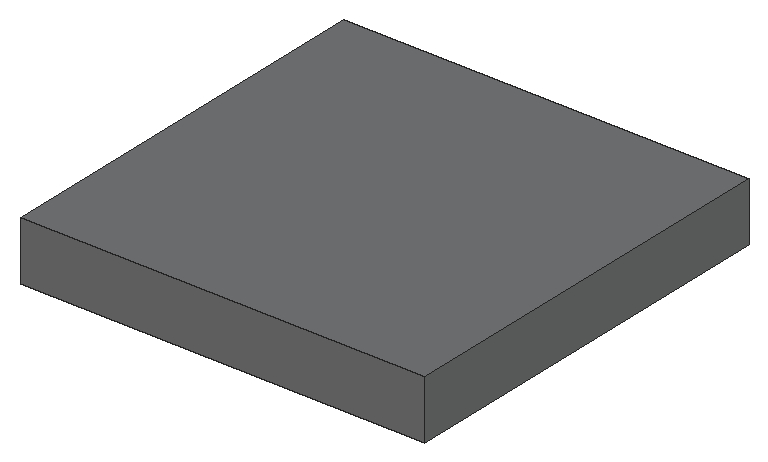
Revit family "Gira_027026", category Electrical Fixtures, host Face, Revit 2017
Family settings
  Host = Face
  Maintain Annotation Orientation = No
  Round Connector Dimension = Use Diameter
  Part Type = Normal
  Cut with Voids When Loaded = No
  Shared = No
  Room Calculation Point = No
Parameters (values of type "Abd. UAE/IAE + Netzwerk System 55 F Alu")
  Zusammenstellung = "Zentralplatte"
  Werkstoffgüte = "sonstige"
  Werkstoff = "Kunststoff"
  Verwendung = "UAE/IAE"
  URL = "http://katalog.gira.de/de_DE/datenblatt.html?artikelnr=027026"
  Transparent = "No"
  Tragring = "No"
  Region = "DE"
  Oberfläche = "sonstige"
  Name = "Abd. UAE/IAE + Netzwerk System 55 F Alu"
  Montageart = "unter Putz"
  Mit Zugentlastung = "No"
  Mit Staubschutz = "No"
  Mit Klappdeckel = "No"
  Mit Aufdruck = "No"
  Manufacturer URL = "https://www.gira.de/"
  Lüsterklemme = "No"
  Keynote = "Sys55_Abdeckung_Schalten und Tasten"
  HeinzeBIM = "https://bimportal.heinze.de/bim/abd-uae-iae-netzwerk-system-55-f-alu/cb5f9aaf59872da45c50f3ebd1930302e83315d0"
  Halogenfrei = "No"
  HAN = "027026"
  Geeignet für Schutzart (IP) = "IP20"
  GTIN = "4010337270263"
  Farbe = "aluminium"
  Default Elevation = 1219.2 mm
  Data sheet (1) = "https://katalog.gira.de/de_DE/download.html?artikelnr=027026"
  Category = "Einsatz/Abdeckung für Kommunikationstechnik"
  Beschriftungsfeld = "ohne Beschriftungsfeld"
  Befestigungsart = "Befestigung mit Schraube"
  Available = "Yes"
  Ausführung der Oberfläche = "nicht zutreffend"
  Anthrazit [instance] = Anthrazit
Reference planes
  plane 1 "Center (Front/Back)": y = 0
  plane 2: z = 0
  plane 3 "Center (Left/Right)": x = 0
Forms (mm)
  Extrusion 1, solid, material "Anthrazit" <- "Anthrazit", detail levels fine
    sketch origin (0, 0, 0) x (1, 0, 0) y (0, 1, 0)
      loop
        line (-27.5, 27.5) -> (-27.5, -27.5) -> (27.5, -27.5) -> (27.5, 27.5) -> (-27.5, 27.5)
    from 0 to 8
  Extrusion 2, void
    sketch origin (0, 0, 0) x (1, 0, 0) y (0, 1, 0)
      loop
        line (26, 26) -> (-26, 26) -> (-26, -26) -> (26, -26) -> (26, 26)
    from 0 to 6
  Extrusion 3, solid, material "Anthrazit" <- "Anthrazit", detail levels medium
    sketch origin (0, 0, 0) x (1, 0, 0) y (0, 1, 0)
      loop
        line (-27.5, 27.5) -> (-27.5, -27.5) -> (27.5, -27.5) -> (27.5, 27.5) -> (-27.5, 27.5)
    from 0 to 8
  Extrusion 4, solid, material "Anthrazit" <- "Anthrazit", detail levels medium
    sketch origin (0, 0, 0) x (1, 0, 0) y (0, 1, 0)
      loop
        line (11, -17.5) -> (11, 17.5) -> (-11, 17.5) -> (-11, -17.5) -> (11, -17.5)
    from -6 to 6
  Extrusion 5, solid, material "Anthrazit" <- "Anthrazit", detail levels fine
    sketch origin (0, 0, 0) x (1, 0, 0) y (0, 1, 0)
      loop
        line (11, 17.5) -> (-11, 17.5) -> (-11, 16.5) -> (11, 16.5) -> (11, 17.5)
      loop
        line (-11, -16.5) -> (-11, -17.5) -> (11, -17.5) -> (11, -16.5) -> (-11, -16.5)
    from -4 to 6
  Extrusion 6, solid, material "Anthrazit" <- "Anthrazit", detail levels fine
    sketch origin (0, 0, 0) x (1, 0, 0) y (0, 1, 0)
      loop
        arc (5, 9.347) -> (0, 10.6) -> (-5, 9.347) r 10.6
        line (-5, 9.347) -> (-5, -9.347)
        arc (-5, -9.347) -> (0, -10.6) -> (5, -9.347) r 10.6
        line (5, -9.347) -> (5, 9.347)
    from -6 to 6
  Extrusion 7, solid, material "Anthrazit" <- "Anthrazit", detail levels coarse
    sketch origin (0, 0, 0) x (1, 0, 0) y (0, 1, 0)
      loop
        line (-27.5, 27.5) -> (-27.5, -27.5) -> (27.5, -27.5) -> (27.5, 27.5) -> (-27.5, 27.5)
    from -6 to 8
Cuts and joins
  Extrusion 2 cuts Extrusion 1
Dimensions and locks
  aligned and locked: plane 2 to host face
  aligned and locked: level to host face
